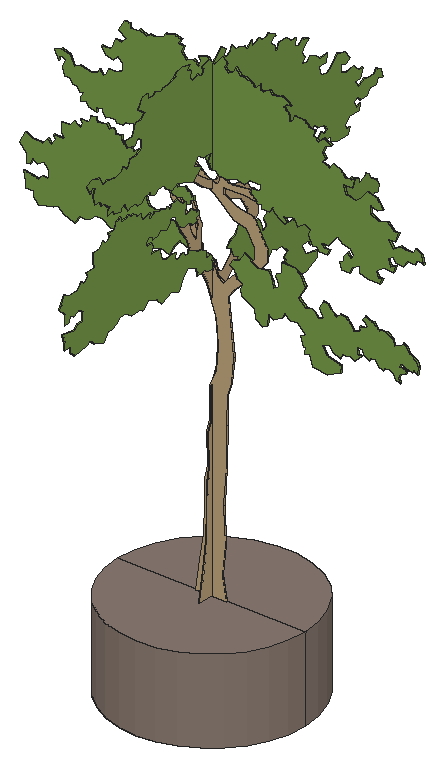
Revit family "L-PL특수목_소나무_1", category 수목, Revit 2019
Family settings
  OmniClass 번호 = 23.40.05.00
  OmniClass 제목 = Plants and Planting Products
  작업 기준면 기반 = 아니오
  항상 수직 = 예
  로드될 때 보이드를 사용하여 절단 = 아니오
  렌더 모양 소스 = 패밀리 형상
  공유 = 아니오
Parameters (values of type "소나무_특수목_1")
  한국산업규격KS = ""
  콘 높이 = 뿌리분 직경 / 4  # 272.5 mm
  조달청표준공사코드-세부공종 = "10161599202809"
  뿌리분 직경 = (24 mm + ((R / 10) - 3 mm) * 5) * 10  # 1090 mm
  뿌리분 높이 = 뿌리분 직경 / 2  # 545 mm
  높이 = 5000 mm
  건설정보분류체계-부위분류 = "E985"
  R = 200 mm
  LIM_INFO_주의사항 = "재배포, 재가공, 판매 금지"
  LIM_INFO_제작일 = "20211210"
  LIM_INFO_버전 = "2022_V01"
  LIM_INFO_PL_학명 = "Quercus myrsinaefolia Bl."
  LIM_INFO_PL_품명 = "가시나무"
  LIM_INFO_PL_주당인정수량 = 0
  LIM_INFO_PL_수목단위 = "주"
  LIM_INFO_PL_규격 = "5.0H X 18R"
  LIM_INFO_PL_구분 = "상록교목"
  LIM_INFO_PL_가격 = 0
  LIM_INFO_PL_Qty [instance] = 0
  LIM_INFO_PL_M2당수량 = 0
  KBIMS_식별-버전 = ""
  KBIMS_식별-bSK등록번호 = ""
  KBIMS_보급정보-저작자 = "림인포테크_MMJ"
  KBIMS_보급정보-보급코드 = ""
  H = 높이  # 5000 mm
Reference planes
  plane 1 "중심(앞/뒤)": y = 0
  plane 2: z = 0
  plane 3 "중심(왼쪽/오른쪽)": x = 0
  plane 4: x = 482.5
  plane 5: x = -607.5
  plane 6: z = -545
  plane 7: z = -817.5
  plane 8: z = 5000
  plane 9: x = -100
  plane 10: x = 100
Forms (mm)
  Revolve 1, solid, material "흙"
    sketch origin (0, 0, 0) x (1, 0, 0) y (0, 0, 1)
      loop
        line (0, 0) -> (-607.5, 0) -> (-607.5, -545) -> (0, -545) -> (0, 0)
      axis (0, 0) -> (0, -545)
    angle from 0 to 360
  Revolve 2, solid, material "흙"
    sketch origin (0, 0, 0) x (1, 0, 0) y (0, 0, 1)
      loop
        line (0, -545) -> (-607.5, -545) -> (0, -817.5) -> (0, -545)
      axis (0, -545) -> (0, -817.5)
    angle from 0 to 360
Dimensions and locks
  "뿌리분 직경": plane 4 to plane 5
  "뿌리분 높이": plane 6 to level
  "콘 높이": plane 7 to plane 6
  "H": level to plane 8
  "R": plane 9 to plane 10
  aligned and locked: level to plane 2
Automatic sketch dimensions
  Revolve 1 sketch curve to level = 0 mm  (x2)
  Revolve 1 sketch curve to plane 5 = 0 mm
  Revolve 1 sketch curve to plane 3 "중심(왼쪽/오른쪽)" = 0 mm  (x2)
  Revolve 1 sketch curve to plane 6 = 0 mm  (x2)
  Revolve 2 sketch curve to plane 5 = 0 mm
  Revolve 2 sketch curve to plane 3 "중심(왼쪽/오른쪽)" = 0 mm  (x2)
  Revolve 2 sketch curve to plane 7 = 0 mm  (x2)
  Revolve 2 sketch curve to plane 6 = 0 mm  (x2)
Nested families
  nested 1: "소나무1_base" at (0, 0, 0), type "소나무1_base"
Definition of nested family "소나무1_base"
  Parameters (values of type "소나무1_base")
    Height = 6000 mm
  Reference planes
    plane 1 "중심(앞/뒤)": y = 0
    plane 2: z = 0
    plane 3 "중심(왼쪽/오른쪽)": x = 0
  Forms (mm)
    Extrusion 1, solid
      sketch origin (1137.23, 0, -323.782) x (1, 0, 0) y (0, 0, 1)
        loop
          line (-934.585, 2192.569) -> (-970.449, 2213.187) -> (-976.809, 2241.312) -> (-1053.09, 2164.511) -> (-1094.55, 2190.24) -> (-1112.444, 2253.036) -> (-1122.608, 2209.784) -> (-1164.551, 2209.784) -> (-1196.947, 2225.969) -> (-1217.937, 2222.533) -> (-1172.266, 2140.358) -> (-1102.303, 1935.626) -> (-1085.621, 1783.156) -> (-1098.677, 1637.8) -> (-1144.009, 1531.549) -> (-1143.615, 1335.582) -> (-1164.919, 1268.324) -> (-1156.424, 1075.554) -> (-1176.505, 985.388) -> (-1179.633, 849.862) -> (-1181.531, 664.669) -> (-1209.946, 504.839) -> (-1237.23, 323.782) -> (-1037.23, 323.782) -> (-1063.792, 464.9) -> (-1043.453, 643.17) -> (-1052.318, 878.366) -> (-1037.576, 1102.624) -> (-1032.747, 1347.435) -> (-1030.238, 1514.02) -> (-1005.006, 1592.597) -> (-990.134, 1750.743) -> (-1024.518, 2088.801) -> (-980.633, 2146.557) -> (-934.585, 2192.569)
        loop
          line (-870.794, 2348.049) -> (-858.764, 2341.134) -> (-832.598, 2326.091) -> (-811.092, 2328.525) -> (-772.552, 2374.489) -> (-772.552, 2448.983) -> (-863.691, 2609.186) -> (-973.24, 2627.43) -> (-1052.359, 2674.343) -> (-1052.359, 2711.7) -> (-923.248, 2718.215) -> (-843.694, 2703.446) -> (-884.558, 2745.147) -> (-875.429, 2761.219) -> (-1005.617, 2747.124) -> (-1025.812, 2753.704) -> (-1025.812, 2764.232) -> (-1075.858, 2764.232) -> (-1085.077, 2729.578) -> (-1103.515, 2714.663) -> (-1166.701, 2741.369) -> (-1253.806, 2810.473) -> (-1290.136, 2782.919) -> (-1215.7, 2718.906) -> (-1110.598, 2658.292) -> (-987.595, 2552.146) -> (-905.966, 2524.212) -> (-853.41, 2434.826) -> (-853.41, 2365.551) -> (-870.794, 2348.049)
        loop
          line (-1336.731, 2464.366) -> (-1320.45, 2403.535) -> (-1277.613, 2386.5) -> (-1255.212, 2366.643) -> (-1227.524, 2366.643) -> (-1234.273, 2476.734) -> (-1223.622, 2513.982) -> (-1246.698, 2569.409) -> (-1263.562, 2560.984) -> (-1245.23, 2513.552) -> (-1259.416, 2478.824) -> (-1259.416, 2427.796) -> (-1284.241, 2460.397) -> (-1312.612, 2508.591) -> (-1330.54, 2558.013) -> (-1355.757, 2544.722) -> (-1399.538, 2562.72) -> (-1394.779, 2537.93) -> (-1336.731, 2464.366)
      from 0 to 5
    Extrusion 2, solid
      sketch origin (1137.23, 0, -323.782) x (1, 0, 0) y (0, 0, 1)
        loop
          line (-1703.091, 2845.337) -> (-1684.659, 2867.165) -> (-1658.718, 2867.165) -> (-1633.459, 2882.854) -> (-1633.459, 2857.615) -> (-1604.788, 2843.973) -> (-1580.321, 2866.436) -> (-1529.038, 2866.436) -> (-1503.943, 2835.908) -> (-1466.845, 2809.742) -> (-1419.927, 2834.818) -> (-1373.009, 2813.013) -> (-1294.448, 2783.576) -> (-1255.168, 2814.103) -> (-1228.981, 2843.54) -> (-1286.811, 2870.797) -> (-1255.168, 2918.768) -> (-1203.886, 2886.06) -> (-1187.519, 2886.06) -> (-1139.51, 2886.06) -> (-1167.879, 2843.54) -> (-1141.794, 2789.317) -> (-1105.29, 2789.317) -> (-1078.926, 2767.027) -> (-1024.171, 2767.027) -> (-976.175, 2789.993) -> (-916.687, 2779.185) -> (-886.267, 2810.932) -> (-817.315, 2810.932) -> (-817.315, 2784.589) -> (-839.623, 2766.351) -> (-865.311, 2775.808) -> (-880.859, 2747.438) -> (-832.765, 2697.932) -> (-809.872, 2697.932) -> (-809.872, 2673.71) -> (-760.044, 2673.71) -> (-737.823, 2708.024) -> (-725.703, 2681.111) -> (-694.055, 2657.562) -> (-658.368, 2641.415) -> (-643.554, 2660.254) -> (-666.448, 2681.784) -> (-623.354, 2693.222) -> (-594.4, 2693.222) -> (-576.893, 2655.544) -> (-531.105, 2684.475) -> (-494.744, 2664.291) -> (-506.543, 2631.089) -> (-479.767, 2577.579) -> (-454.999, 2577.579) -> (-434.917, 2558.851) -> (-384.713, 2558.851) -> (-369.316, 2592.295) -> (-399.439, 2592.295) -> (-427.554, 2616.374) -> (-374.672, 2616.374) -> (-321.12, 2685.268) -> (-288.989, 2657.844) -> (-232.744, 2646.717) -> (-215.623, 2609.999) -> (-228.568, 2589.553) -> (-252.37, 2617.926) -> (-278.678, 2587.05) -> (-278.678, 2561.597) -> (-302.897, 2546.993) -> (-292.378, 2504.448) -> (-239.039, 2504.448) -> (-219.837, 2542.822) -> (-177.247, 2565.207) -> (-177.247, 2527.535) -> (-125.18, 2509.485) -> (-47.611, 2509.485) -> (-27.421, 2545.585) -> (-50.798, 2545.585) -> (-67.8, 2575.314) -> (-24.079, 2607.545) -> (44.062, 2607.545) -> (55.971, 2645.225) -> (26.2, 2635.309) -> (8.338, 2676.294) -> (37.447, 2692.82) -> (57.294, 2665.056) -> (107.573, 2665.056) -> (133.374, 2699.43) -> (182.329, 2699.43) -> (195.561, 2731.822) -> (237.239, 2717.279) -> (225.331, 2770.162) -> (188.283, 2791.977) -> (170.421, 2764.213) -> (132.05, 2764.213) -> (90.372, 2774.129) -> (45.386, 2747.026) -> (12.958, 2787.312) -> (55.254, 2787.312) -> (76.402, 2845.279) -> (47.489, 2845.279) -> (7.912, 2884.825) -> (-50.794, 2871.643) -> (-102.904, 2897.348) -> (-102.904, 2942.167) -> (-60.688, 2927.667) -> (-23.75, 2946.122) -> (-65.965, 2997.532) -> (-125.991, 3014.009) -> (-162.929, 2963.917) -> (-203.826, 2934.917) -> (-263.851, 2952.054) -> (-278.363, 3001.486) -> (-224.274, 3001.486) -> (-209.966, 3051.99) -> (-263.578, 3045.63) -> (-301.532, 3078.727) -> (-347.077, 3096.655) -> (-368.469, 3070.453) -> (-418.154, 3083.554) -> (-392.621, 3111.135) -> (-412.633, 3142.164) -> (-392.621, 3180.088) -> (-355.357, 3200.774) -> (-403.662, 3224.907) -> (-438.166, 3195.257) -> (-474.049, 3213.185) -> (-462.318, 3250.42) -> (-498.892, 3250.42) -> (-538.225, 3285.507) -> (-597.025, 3285.507) -> (-607.325, 3249.141) -> (-629.299, 3249.141) -> (-629.299, 3282.076) -> (-666.381, 3315.698) -> (-647.84, 3334.91) -> (-621.059, 3334.91) -> (-636.853, 3350.692) -> (-679.428, 3374.707) -> (-690.415, 3362.356) -> (-735.737, 3362.356) -> (-754.964, 3380.196) -> (-792.732, 3360.984) -> (-816.08, 3360.984) -> (-816.08, 3391.861) -> (-849.041, 3360.298) -> (-871.702, 3381.569) -> (-911.53, 3398.723) -> (-944.491, 3398.723) -> (-976.079, 3435.089) -> (-991.873, 3404.212) -> (-1019.548, 3388.481) -> (-1045.642, 3411.124) -> (-1029.848, 3436.512) -> (-1062.81, 3463.272) -> (-1092.337, 3424.848) -> (-1127.359, 3402.204) -> (-1156.886, 3431.023) -> (-1218.002, 3417.3) -> (-1205.641, 3391.226) -> (-1215.942, 3361.721) -> (-1248.216, 3385.051) -> (-1292.165, 3367.897) -> (-1323.066, 3401.518) -> (-1312.079, 3437.198) -> (-1342.98, 3448.177) -> (-1323.066, 3474.937) -> (-1373.194, 3485.229) -> (-1427.443, 3472.192) -> (-1443.923, 3448.177) -> (-1490.618, 3431.023) -> (-1527.013, 3431.023) -> (-1549.674, 3417.986) -> (-1596.369, 3436.512) -> (-1611.476, 3422.789) -> (-1655.424, 3422.789) -> (-1655.424, 3452.294) -> (-1695.939, 3452.294) -> (-1728.9, 3389.854) -> (-1681.542, 3351.834) -> (-1709.696, 3327.819) -> (-1750.898, 3327.819) -> (-1779.052, 3258.517) -> (-1840.168, 3258.517) -> (-1818.194, 3209.8) -> (-1766.005, 3199.508) -> (-1736.477, 3231.071) -> (-1707.753, 3205.684) -> (-1707.753, 3159.133) -> (-1747.386, 3136.601) -> (-1795.903, 3136.601) -> (-1808.203, 3103.144) -> (-1830.069, 3092.219) -> (-1852.619, 3116.117) -> (-1865.603, 3093.584) -> (-1912.753, 3077.88) -> (-1979.036, 3092.902) -> (-2017.302, 3078.563) -> (-2043.269, 3133.869) -> (-2099.302, 3150.256) -> (-2147.135, 3130.455) -> (-2119.802, 3075.832) -> (-2109.552, 3109.972) -> (-2077.435, 3093.584) -> (-2091.785, 3049.203) -> (-2082.902, 3000.041) -> (-2049.419, 3000.041) -> (-2030.969, 2969.998) -> (-2004.319, 2969.998) -> (-1982.431, 2940.45) -> (-1957.831, 2940.45) -> (-1978.331, 2913.82) -> (-1978.331, 2887.191) -> (-1936.648, 2898.799) -> (-1925.714, 2874.901) -> (-1872.414, 2863.294) -> (-1872.414, 2885.143) -> (-1837.565, 2900.847) -> (-1837.565, 2879.681) -> (-1817.095, 2848.747) -> (-1795.25, 2861.026) -> (-1753.608, 2861.026) -> (-1742.002, 2845.337) -> (-1703.091, 2845.337)
        loop
          line (-2097.474, 2666.253) -> (-2082.982, 2634.395) -> (-2149.645, 2634.395) -> (-2138.659, 2606.698) -> (-2166.3, 2575.922) -> (-2190.511, 2597.666) -> (-2220.174, 2562.957) -> (-2291.668, 2562.957) -> (-2331.28, 2584.195) -> (-2368.96, 2512.757) -> (-2325.483, 2466.419) -> (-2325.483, 2406.565) -> (-2299.091, 2413.537) -> (-2287.21, 2445.59) -> (-2253.023, 2427.803) -> (-2218.242, 2450.007) -> (-2183.46, 2421.045) -> (-2183.46, 2367.949) -> (-2224.038, 2367.949) -> (-2250.124, 2345.745) -> (-2344.806, 2362.157) -> (-2330.127, 2303.843) -> (-2330.127, 2264.468) -> (-2282.84, 2262.557) -> (-2282.84, 2229.333) -> (-2247.071, 2196.621) -> (-2153.101, 2214.188) -> (-2125.82, 2228.121) -> (-2083.989, 2195.409) -> (-2016.088, 2170.572) -> (-1981.532, 2216.611) -> (-1950.613, 2216.611) -> (-1909.994, 2232.362) -> (-1882.107, 2257.199) -> (-1834.213, 2257.199) -> (-1783.287, 2225.698) -> (-1718.024, 2230.886) -> (-1695.527, 2217.477) -> (-1647.539, 2255.109) -> (-1591.047, 2233.258) -> (-1542.452, 2189.557) -> (-1460.447, 2219.298) -> (-1405.169, 2198.054) -> (-1372.367, 2260.572) -> (-1335.313, 2305.487) -> (-1266.065, 2276.96) -> (-1252.701, 2220.512) -> (-1196.195, 2229.004) -> (-1164.484, 2213.161) -> (-1124.235, 2213.161) -> (-1115.697, 2251.55) -> (-1146.798, 2295.423) -> (-1191.926, 2295.423) -> (-1191.926, 2339.297) -> (-1223.027, 2363.062) -> (-1255.958, 2363.062) -> (-1279.132, 2384.389) -> (-1327.91, 2402.213) -> (-1327.91, 2383.914) -> (-1356.907, 2383.914) -> (-1366.446, 2406.788) -> (-1387.813, 2406.788) -> (-1397.733, 2391.92) -> (-1427.875, 2391.92) -> (-1439.321, 2408.313) -> (-1431.69, 2431.95) -> (-1466.029, 2438.05) -> (-1504.946, 2428.9) -> (-1536.996, 2443.007) -> (-1550.35, 2470.837) -> (-1557.218, 2504.768) -> (-1591.557, 2513.156) -> (-1632.001, 2513.156) -> (-1621.411, 2550.81) -> (-1627.936, 2574.203) -> (-1666.699, 2574.203) -> (-1675.91, 2601.814) -> (-1651.731, 2618.688) -> (-1614.503, 2609.484) -> (-1614.503, 2589.159) -> (-1577.274, 2598.746) -> (-1560.004, 2618.688) -> (-1530.067, 2613.319) -> (-1505.888, 2599.513) -> (-1477.487, 2626.742) -> (-1482.477, 2645.149) -> (-1455.611, 2652.052) -> (-1428.361, 2642.848) -> (-1428.361, 2618.305) -> (-1413.01, 2599.513) -> (-1401.879, 2566.916) -> (-1356.305, 2547.294) -> (-1327.948, 2561.461) -> (-1294.66, 2534.975) -> (-1265.07, 2547.294) -> (-1265.07, 2562.693) -> (-1245.344, 2571.933) -> (-1245.344, 2594.724) -> (-1259.992, 2586.033) -> (-1270.02, 2609.541) -> (-1285.833, 2613.395) -> (-1301.646, 2632.279) -> (-1320.159, 2622.644) -> (-1348.699, 2614.551) -> (-1361.427, 2639.601) -> (-1351.785, 2660.026) -> (-1351.785, 2692.547) -> (-1376.14, 2692.547) -> (-1418.223, 2738.308) -> (-1452.735, 2728.387) -> (-1470.933, 2728.387) -> (-1462.028, 2712.911) -> (-1480.226, 2704.399) -> (-1498.812, 2728.774) -> (-1510.428, 2718.715) -> (-1521.657, 2724.131) -> (-1548.761, 2740.381) -> (-1553.794, 2729.548) -> (-1600.258, 2745.024) -> (-1600.258, 2733.03) -> (-1613.81, 2733.03) -> (-1630.073, 2716.393) -> (-1646.722, 2731.482) -> (-1637.042, 2751.988) -> (-1653.692, 2751.988) -> (-1680.73, 2741.128) -> (-1700.983, 2741.128) -> (-1710.721, 2762.923) -> (-1710.721, 2782.771) -> (-1753.953, 2776.933) -> (-1753.953, 2794.446) -> (-1770.312, 2805.343) -> (-1787.06, 2796.392) -> (-1809.28, 2817.537) -> (-1827.196, 2807.807) -> (-1869.65, 2807.807) -> (-1875.493, 2820.261) -> (-1875.493, 2833.493) -> (-1895.746, 2825.32) -> (-1913.273, 2825.32) -> (-1913.907, 2813.957) -> (-1927.944, 2785.458) -> (-1975.443, 2785.458) -> (-1965.63, 2762.708) -> (-1978.191, 2741.919) -> (-1997.819, 2741.919) -> (-2018.232, 2759.962) -> (-2042.404, 2727.072) -> (-2097.474, 2727.072) -> (-2097.474, 2666.253)
        loop
          line (-728.938, 2059.436) -> (-675.043, 2089.743) -> (-657.865, 2119.623) -> (-619.24, 2097.417) -> (-574.146, 2097.997) -> (-525.075, 2044.939) -> (-556.303, 2028.106) -> (-539.495, 1973.718) -> (-525.779, 1975.364) -> (-532.571, 1935.977) -> (-498.589, 1941.782) -> (-480.895, 1878.816) -> (-383.341, 1862.857) -> (-297.127, 1906.212) -> (-294.644, 1949.132) -> (-385.371, 1969.613) -> (-417.888, 2027.802) -> (-369.456, 2040.02) -> (-344.661, 2005.407) -> (-299.687, 1988.746) -> (-284.647, 2014.907) -> (-266.128, 2017.396) -> (-233.262, 2020.831) -> (-207.08, 2005.779) -> (-162.141, 2049.22) -> (-187.761, 2053.615) -> (-190.494, 2090.806) -> (-156.794, 2089.242) -> (-147.271, 2063.862) -> (-111.81, 2043.476) -> (-103.209, 2058.436) -> (-72.544, 2060.712) -> (-50.295, 2030.112) -> (-23.502, 2014.709) -> (-14.449, 2030.457) -> (11.27, 2038.719) -> (43.579, 2020.145) -> (58.736, 1993.621) -> (87.105, 1977.313) -> (78.05, 2010.804) -> (90.725, 2032.851) -> (121.189, 2045.719) -> (132.053, 2064.617) -> (82.14, 2074.454) -> (94.362, 2095.714) -> (121.155, 2080.311) -> (169.156, 2072.62) -> (175.041, 2082.857) -> (201.045, 2067.907) -> (207.801, 2114.309) -> (194.12, 2145.223) -> (144.475, 2173.763) -> (129.217, 2205.583) -> (106.364, 2218.721) -> (96.858, 2202.185) -> (48.81, 2184.114) -> (42.263, 2218.141) -> (-1.693, 2243.411) -> (-28.531, 2242.143) -> (-56.27, 2239.306) -> (-85.614, 2271.829) -> (-117.044, 2275.288) -> (-139.807, 2288.375) -> (-153.785, 2264.061) -> (-134.947, 2253.231) -> (-126.028, 2225.146) -> (-173.038, 2219.418) -> (-169.118, 2191.177) -> (-213.328, 2177.611) -> (-222.156, 2199.578) -> (-265.681, 2241.493) -> (-301.47, 2242.576) -> (-322.348, 2222.094) -> (-358.511, 2242.884) -> (-377.311, 2275.782) -> (-409.387, 2279.929) -> (-436.056, 2233.539) -> (-406.745, 2181.605) -> (-447.804, 2170.126) -> (-469.827, 2199.679) -> (-487.42, 2209.793) -> (-521.961, 2206.261) -> (-566.817, 2246.991) -> (-549.973, 2276.29) -> (-524.427, 2320.726) -> (-554.696, 2382.307) -> (-597.213, 2406.749) -> (-678.574, 2409.993) -> (-679.426, 2373.451) -> (-678.229, 2346.125) -> (-711.533, 2333.436) -> (-719.393, 2319.763) -> (-696.694, 2280.076) -> (-696.247, 2261.627) -> (-730.953, 2246.496) -> (-738.295, 2276.705) -> (-745.782, 2304.398) -> (-763.261, 2333.937) -> (-832.598, 2326.091) -> (-858.764, 2341.134) -> (-902.374, 2366.205) -> (-921.064, 2376.949) -> (-951.125, 2324.658) -> (-992.136, 2316.762) -> (-1013.608, 2279.412) -> (-981.213, 2260.788) -> (-970.449, 2213.187) -> (-930.577, 2190.265) -> (-944.892, 2165.365) -> (-936.779, 2127.571) -> (-910.613, 2112.528) -> (-857.035, 2081.727) -> (-844.866, 2025.036) -> (-800.011, 1999.249) -> (-770.929, 2012.347) -> (-762.58, 2078.776) -> (-728.938, 2059.436)
      from 0 to 5
    Extrusion 3, solid
      sketch origin (0, 1137.23, -323.782) x (0, 1, 0) y (0, 0, 1)
        loop
          line (-934.585, 2192.569) -> (-970.449, 2213.187) -> (-976.809, 2241.312) -> (-1053.09, 2164.511) -> (-1094.55, 2190.24) -> (-1112.444, 2253.036) -> (-1122.608, 2209.784) -> (-1164.551, 2209.784) -> (-1196.947, 2225.969) -> (-1217.937, 2222.533) -> (-1172.266, 2140.358) -> (-1102.303, 1935.626) -> (-1085.621, 1783.156) -> (-1098.677, 1637.8) -> (-1144.009, 1531.549) -> (-1143.615, 1335.582) -> (-1164.919, 1268.324) -> (-1156.424, 1075.554) -> (-1176.505, 985.388) -> (-1179.633, 849.862) -> (-1181.531, 664.669) -> (-1209.946, 504.839) -> (-1237.23, 323.782) -> (-1037.23, 323.782) -> (-1063.792, 464.9) -> (-1043.453, 643.17) -> (-1052.318, 878.366) -> (-1037.576, 1102.624) -> (-1032.747, 1347.435) -> (-1030.238, 1514.02) -> (-1005.006, 1592.597) -> (-990.134, 1750.743) -> (-1024.518, 2088.801) -> (-980.633, 2146.557) -> (-934.585, 2192.569)
        loop
          line (-870.794, 2348.049) -> (-858.764, 2341.134) -> (-832.598, 2326.091) -> (-811.092, 2328.525) -> (-772.552, 2374.489) -> (-772.552, 2448.983) -> (-863.691, 2609.186) -> (-973.24, 2627.43) -> (-1052.359, 2674.343) -> (-1052.359, 2711.7) -> (-923.248, 2718.215) -> (-843.694, 2703.446) -> (-884.558, 2745.147) -> (-875.429, 2761.219) -> (-1005.617, 2747.124) -> (-1025.812, 2753.704) -> (-1025.812, 2764.232) -> (-1075.858, 2764.232) -> (-1085.077, 2729.578) -> (-1103.515, 2714.663) -> (-1166.701, 2741.369) -> (-1253.806, 2810.473) -> (-1290.136, 2782.919) -> (-1215.7, 2718.906) -> (-1110.598, 2658.292) -> (-987.595, 2552.146) -> (-905.966, 2524.212) -> (-853.41, 2434.826) -> (-853.41, 2365.551) -> (-870.794, 2348.049)
        loop
          line (-1336.731, 2464.366) -> (-1320.45, 2403.535) -> (-1277.613, 2386.5) -> (-1255.212, 2366.643) -> (-1227.524, 2366.643) -> (-1234.273, 2476.734) -> (-1223.622, 2513.982) -> (-1246.698, 2569.409) -> (-1263.562, 2560.984) -> (-1245.23, 2513.552) -> (-1259.416, 2478.824) -> (-1259.416, 2427.796) -> (-1284.241, 2460.397) -> (-1312.612, 2508.591) -> (-1330.54, 2558.013) -> (-1355.757, 2544.722) -> (-1399.538, 2562.72) -> (-1394.779, 2537.93) -> (-1336.731, 2464.366)
      from 0 to 5
    Extrusion 4, solid
      sketch origin (0, 1137.23, -323.782) x (0, 1, 0) y (0, 0, 1)
        loop
          line (-1703.091, 2845.337) -> (-1684.659, 2867.165) -> (-1658.718, 2867.165) -> (-1633.459, 2882.854) -> (-1633.459, 2857.615) -> (-1604.788, 2843.973) -> (-1580.321, 2866.436) -> (-1529.038, 2866.436) -> (-1503.943, 2835.908) -> (-1466.845, 2809.742) -> (-1419.927, 2834.818) -> (-1373.009, 2813.013) -> (-1294.448, 2783.576) -> (-1255.168, 2814.103) -> (-1228.981, 2843.54) -> (-1286.811, 2870.797) -> (-1255.168, 2918.768) -> (-1203.886, 2886.06) -> (-1187.519, 2886.06) -> (-1139.51, 2886.06) -> (-1167.879, 2843.54) -> (-1141.794, 2789.317) -> (-1105.29, 2789.317) -> (-1078.926, 2767.027) -> (-1024.171, 2767.027) -> (-976.175, 2789.993) -> (-916.687, 2779.185) -> (-886.267, 2810.932) -> (-817.315, 2810.932) -> (-817.315, 2784.589) -> (-839.623, 2766.351) -> (-865.311, 2775.808) -> (-880.859, 2747.438) -> (-832.765, 2697.932) -> (-809.872, 2697.932) -> (-809.872, 2673.71) -> (-760.044, 2673.71) -> (-737.823, 2708.024) -> (-725.703, 2681.111) -> (-694.055, 2657.562) -> (-658.368, 2641.415) -> (-643.554, 2660.254) -> (-666.448, 2681.784) -> (-623.354, 2693.222) -> (-594.4, 2693.222) -> (-576.893, 2655.544) -> (-531.105, 2684.475) -> (-494.744, 2664.291) -> (-506.543, 2631.089) -> (-479.767, 2577.579) -> (-454.999, 2577.579) -> (-434.917, 2558.851) -> (-384.713, 2558.851) -> (-369.316, 2592.295) -> (-399.439, 2592.295) -> (-427.554, 2616.374) -> (-374.672, 2616.374) -> (-321.12, 2685.268) -> (-288.989, 2657.844) -> (-232.744, 2646.717) -> (-215.623, 2609.999) -> (-228.568, 2589.553) -> (-252.37, 2617.926) -> (-278.678, 2587.05) -> (-278.678, 2561.597) -> (-302.897, 2546.993) -> (-292.378, 2504.448) -> (-239.039, 2504.448) -> (-219.837, 2542.822) -> (-177.247, 2565.207) -> (-177.247, 2527.535) -> (-125.18, 2509.485) -> (-47.611, 2509.485) -> (-27.421, 2545.585) -> (-50.798, 2545.585) -> (-67.8, 2575.314) -> (-24.079, 2607.545) -> (44.062, 2607.545) -> (55.971, 2645.225) -> (26.2, 2635.309) -> (8.338, 2676.294) -> (37.447, 2692.82) -> (57.294, 2665.056) -> (107.573, 2665.056) -> (133.374, 2699.43) -> (182.329, 2699.43) -> (195.561, 2731.822) -> (237.239, 2717.279) -> (225.331, 2770.162) -> (188.283, 2791.977) -> (170.421, 2764.213) -> (132.05, 2764.213) -> (90.372, 2774.129) -> (45.386, 2747.026) -> (12.958, 2787.312) -> (55.254, 2787.312) -> (76.402, 2845.279) -> (47.489, 2845.279) -> (7.912, 2884.825) -> (-50.794, 2871.643) -> (-102.904, 2897.348) -> (-102.904, 2942.167) -> (-60.688, 2927.667) -> (-23.75, 2946.122) -> (-65.965, 2997.532) -> (-125.991, 3014.009) -> (-162.929, 2963.917) -> (-203.826, 2934.917) -> (-263.851, 2952.054) -> (-278.363, 3001.486) -> (-224.274, 3001.486) -> (-209.966, 3051.99) -> (-263.578, 3045.63) -> (-301.532, 3078.727) -> (-347.077, 3096.655) -> (-368.469, 3070.453) -> (-418.154, 3083.554) -> (-392.621, 3111.135) -> (-412.633, 3142.164) -> (-392.621, 3180.088) -> (-355.357, 3200.774) -> (-403.662, 3224.907) -> (-438.166, 3195.257) -> (-474.049, 3213.185) -> (-462.318, 3250.42) -> (-498.892, 3250.42) -> (-538.225, 3285.507) -> (-597.025, 3285.507) -> (-607.325, 3249.141) -> (-629.299, 3249.141) -> (-629.299, 3282.076) -> (-666.381, 3315.698) -> (-647.84, 3334.91) -> (-621.059, 3334.91) -> (-636.853, 3350.692) -> (-679.428, 3374.707) -> (-690.415, 3362.356) -> (-735.737, 3362.356) -> (-754.964, 3380.196) -> (-792.732, 3360.984) -> (-816.08, 3360.984) -> (-816.08, 3391.861) -> (-849.041, 3360.298) -> (-871.702, 3381.569) -> (-911.53, 3398.723) -> (-944.491, 3398.723) -> (-976.079, 3435.089) -> (-991.873, 3404.212) -> (-1019.548, 3388.481) -> (-1045.642, 3411.124) -> (-1029.848, 3436.512) -> (-1062.81, 3463.272) -> (-1092.337, 3424.848) -> (-1127.359, 3402.204) -> (-1156.886, 3431.023) -> (-1218.002, 3417.3) -> (-1205.641, 3391.226) -> (-1215.942, 3361.721) -> (-1248.216, 3385.051) -> (-1292.165, 3367.897) -> (-1323.066, 3401.518) -> (-1312.079, 3437.198) -> (-1342.98, 3448.177) -> (-1323.066, 3474.937) -> (-1373.194, 3485.229) -> (-1427.443, 3472.192) -> (-1443.923, 3448.177) -> (-1490.618, 3431.023) -> (-1527.013, 3431.023) -> (-1549.674, 3417.986) -> (-1596.369, 3436.512) -> (-1611.476, 3422.789) -> (-1655.424, 3422.789) -> (-1655.424, 3452.294) -> (-1695.939, 3452.294) -> (-1728.9, 3389.854) -> (-1681.542, 3351.834) -> (-1709.696, 3327.819) -> (-1750.898, 3327.819) -> (-1779.052, 3258.517) -> (-1840.168, 3258.517) -> (-1818.194, 3209.8) -> (-1766.005, 3199.508) -> (-1736.477, 3231.071) -> (-1707.753, 3205.684) -> (-1707.753, 3159.133) -> (-1747.386, 3136.601) -> (-1795.903, 3136.601) -> (-1808.203, 3103.144) -> (-1830.069, 3092.219) -> (-1852.619, 3116.117) -> (-1865.603, 3093.584) -> (-1912.753, 3077.88) -> (-1979.036, 3092.902) -> (-2017.302, 3078.563) -> (-2043.269, 3133.869) -> (-2099.302, 3150.256) -> (-2147.135, 3130.455) -> (-2119.802, 3075.832) -> (-2109.552, 3109.972) -> (-2077.435, 3093.584) -> (-2091.785, 3049.203) -> (-2082.902, 3000.041) -> (-2049.419, 3000.041) -> (-2030.969, 2969.998) -> (-2004.319, 2969.998) -> (-1982.431, 2940.45) -> (-1957.831, 2940.45) -> (-1978.331, 2913.82) -> (-1978.331, 2887.191) -> (-1936.648, 2898.799) -> (-1925.714, 2874.901) -> (-1872.414, 2863.294) -> (-1872.414, 2885.143) -> (-1837.565, 2900.847) -> (-1837.565, 2879.681) -> (-1817.095, 2848.747) -> (-1795.25, 2861.026) -> (-1753.608, 2861.026) -> (-1742.002, 2845.337) -> (-1703.091, 2845.337)
        loop
          line (-2097.474, 2666.253) -> (-2082.982, 2634.395) -> (-2149.645, 2634.395) -> (-2138.659, 2606.698) -> (-2166.3, 2575.922) -> (-2190.511, 2597.666) -> (-2220.174, 2562.957) -> (-2291.668, 2562.957) -> (-2331.28, 2584.195) -> (-2368.96, 2512.757) -> (-2325.483, 2466.419) -> (-2325.483, 2406.565) -> (-2299.091, 2413.537) -> (-2287.21, 2445.59) -> (-2253.023, 2427.803) -> (-2218.242, 2450.007) -> (-2183.46, 2421.045) -> (-2183.46, 2367.949) -> (-2224.038, 2367.949) -> (-2250.124, 2345.745) -> (-2344.806, 2362.157) -> (-2330.127, 2303.843) -> (-2330.127, 2264.468) -> (-2282.84, 2262.557) -> (-2282.84, 2229.333) -> (-2247.071, 2196.621) -> (-2153.101, 2214.188) -> (-2125.82, 2228.121) -> (-2083.989, 2195.409) -> (-2016.088, 2170.572) -> (-1981.532, 2216.611) -> (-1950.613, 2216.611) -> (-1909.994, 2232.362) -> (-1882.107, 2257.199) -> (-1834.213, 2257.199) -> (-1783.287, 2225.698) -> (-1718.024, 2230.886) -> (-1695.527, 2217.477) -> (-1647.539, 2255.109) -> (-1591.047, 2233.258) -> (-1542.452, 2189.557) -> (-1460.447, 2219.298) -> (-1405.169, 2198.054) -> (-1372.367, 2260.572) -> (-1335.313, 2305.487) -> (-1266.065, 2276.96) -> (-1252.701, 2220.512) -> (-1196.195, 2229.004) -> (-1164.484, 2213.161) -> (-1124.235, 2213.161) -> (-1115.697, 2251.55) -> (-1146.798, 2295.423) -> (-1191.926, 2295.423) -> (-1191.926, 2339.297) -> (-1223.027, 2363.062) -> (-1255.958, 2363.062) -> (-1279.132, 2384.389) -> (-1327.91, 2402.213) -> (-1327.91, 2383.914) -> (-1356.907, 2383.914) -> (-1366.446, 2406.788) -> (-1387.813, 2406.788) -> (-1397.733, 2391.92) -> (-1427.875, 2391.92) -> (-1439.321, 2408.313) -> (-1431.69, 2431.95) -> (-1466.029, 2438.05) -> (-1504.946, 2428.9) -> (-1536.996, 2443.007) -> (-1550.35, 2470.837) -> (-1557.218, 2504.768) -> (-1591.557, 2513.156) -> (-1632.001, 2513.156) -> (-1621.411, 2550.81) -> (-1627.936, 2574.203) -> (-1666.699, 2574.203) -> (-1675.91, 2601.814) -> (-1651.731, 2618.688) -> (-1614.503, 2609.484) -> (-1614.503, 2589.159) -> (-1577.274, 2598.746) -> (-1560.004, 2618.688) -> (-1530.067, 2613.319) -> (-1505.888, 2599.513) -> (-1477.487, 2626.742) -> (-1482.477, 2645.149) -> (-1455.611, 2652.052) -> (-1428.361, 2642.848) -> (-1428.361, 2618.305) -> (-1413.01, 2599.513) -> (-1401.879, 2566.916) -> (-1356.305, 2547.294) -> (-1327.948, 2561.461) -> (-1294.66, 2534.975) -> (-1265.07, 2547.294) -> (-1265.07, 2562.693) -> (-1245.344, 2571.933) -> (-1245.344, 2594.724) -> (-1259.992, 2586.033) -> (-1270.02, 2609.541) -> (-1285.833, 2613.395) -> (-1301.646, 2632.279) -> (-1320.159, 2622.644) -> (-1348.699, 2614.551) -> (-1361.427, 2639.601) -> (-1351.785, 2660.026) -> (-1351.785, 2692.547) -> (-1376.14, 2692.547) -> (-1418.223, 2738.308) -> (-1452.735, 2728.387) -> (-1470.933, 2728.387) -> (-1462.028, 2712.911) -> (-1480.226, 2704.399) -> (-1498.812, 2728.774) -> (-1510.428, 2718.715) -> (-1521.657, 2724.131) -> (-1548.761, 2740.381) -> (-1553.794, 2729.548) -> (-1600.258, 2745.024) -> (-1600.258, 2733.03) -> (-1613.81, 2733.03) -> (-1630.073, 2716.393) -> (-1646.722, 2731.482) -> (-1637.042, 2751.988) -> (-1653.692, 2751.988) -> (-1680.73, 2741.128) -> (-1700.983, 2741.128) -> (-1710.721, 2762.923) -> (-1710.721, 2782.771) -> (-1753.953, 2776.933) -> (-1753.953, 2794.446) -> (-1770.312, 2805.343) -> (-1787.06, 2796.392) -> (-1809.28, 2817.537) -> (-1827.196, 2807.807) -> (-1869.65, 2807.807) -> (-1875.493, 2820.261) -> (-1875.493, 2833.493) -> (-1895.746, 2825.32) -> (-1913.273, 2825.32) -> (-1913.907, 2813.957) -> (-1927.944, 2785.458) -> (-1975.443, 2785.458) -> (-1965.63, 2762.708) -> (-1978.191, 2741.919) -> (-1997.819, 2741.919) -> (-2018.232, 2759.962) -> (-2042.404, 2727.072) -> (-2097.474, 2727.072) -> (-2097.474, 2666.253)
        loop
          line (-728.938, 2059.436) -> (-675.043, 2089.743) -> (-657.865, 2119.623) -> (-619.24, 2097.417) -> (-574.146, 2097.997) -> (-525.075, 2044.939) -> (-556.303, 2028.106) -> (-539.495, 1973.718) -> (-525.779, 1975.364) -> (-532.571, 1935.977) -> (-498.589, 1941.782) -> (-480.895, 1878.816) -> (-383.341, 1862.857) -> (-297.127, 1906.212) -> (-294.644, 1949.132) -> (-385.371, 1969.613) -> (-417.888, 2027.802) -> (-369.456, 2040.02) -> (-344.661, 2005.407) -> (-299.687, 1988.746) -> (-284.647, 2014.907) -> (-266.128, 2017.396) -> (-233.262, 2020.831) -> (-207.08, 2005.779) -> (-162.141, 2049.22) -> (-187.761, 2053.615) -> (-190.494, 2090.806) -> (-156.794, 2089.242) -> (-147.271, 2063.862) -> (-111.81, 2043.476) -> (-103.209, 2058.436) -> (-72.544, 2060.712) -> (-50.295, 2030.112) -> (-23.502, 2014.709) -> (-14.449, 2030.457) -> (11.27, 2038.719) -> (43.579, 2020.145) -> (58.736, 1993.621) -> (87.105, 1977.313) -> (78.05, 2010.804) -> (90.725, 2032.851) -> (121.189, 2045.719) -> (132.053, 2064.617) -> (82.14, 2074.454) -> (94.362, 2095.714) -> (121.155, 2080.311) -> (169.156, 2072.62) -> (175.041, 2082.857) -> (201.045, 2067.907) -> (207.801, 2114.309) -> (194.12, 2145.223) -> (144.475, 2173.763) -> (129.217, 2205.583) -> (106.364, 2218.721) -> (96.858, 2202.185) -> (48.81, 2184.114) -> (42.263, 2218.141) -> (-1.693, 2243.411) -> (-28.531, 2242.143) -> (-56.27, 2239.306) -> (-85.614, 2271.829) -> (-117.044, 2275.288) -> (-139.807, 2288.375) -> (-153.785, 2264.061) -> (-134.947, 2253.231) -> (-126.028, 2225.146) -> (-173.038, 2219.418) -> (-169.118, 2191.177) -> (-213.328, 2177.611) -> (-222.156, 2199.578) -> (-265.681, 2241.493) -> (-301.47, 2242.576) -> (-322.348, 2222.094) -> (-358.511, 2242.884) -> (-377.311, 2275.782) -> (-409.387, 2279.929) -> (-436.056, 2233.539) -> (-406.745, 2181.605) -> (-447.804, 2170.126) -> (-469.827, 2199.679) -> (-487.42, 2209.793) -> (-521.961, 2206.261) -> (-566.817, 2246.991) -> (-549.973, 2276.29) -> (-524.427, 2320.726) -> (-554.696, 2382.307) -> (-597.213, 2406.749) -> (-678.574, 2409.993) -> (-679.426, 2373.451) -> (-678.229, 2346.125) -> (-711.533, 2333.436) -> (-719.393, 2319.763) -> (-696.694, 2280.076) -> (-696.247, 2261.627) -> (-730.953, 2246.496) -> (-738.295, 2276.705) -> (-745.782, 2304.398) -> (-763.261, 2333.937) -> (-832.598, 2326.091) -> (-858.764, 2341.134) -> (-902.374, 2366.205) -> (-921.064, 2376.949) -> (-951.125, 2324.658) -> (-992.136, 2316.762) -> (-1013.608, 2279.412) -> (-981.213, 2260.788) -> (-970.449, 2213.187) -> (-930.577, 2190.265) -> (-944.892, 2165.365) -> (-936.779, 2127.571) -> (-910.613, 2112.528) -> (-857.035, 2081.727) -> (-844.866, 2025.036) -> (-800.011, 1999.249) -> (-770.929, 2012.347) -> (-762.58, 2078.776) -> (-728.938, 2059.436)
      from 0 to 5
  Lines and regions (mm)
    symbolic lines
      curve 1: arc (646.101, -1366.729, 0) -> (387.083, -1322.686, 0) -> (192.84, -1499.604, 0) r 299.792
      curve 2: arc (279.296, 1481.351, 0) -> (462.959, 1293.473, 0) -> (724.094, 1322.429, 0) r 299.792
      curve 3: arc (-724.094, -1326.989, 0) -> (-840.709, -1091.552, 0) -> (-1098.012, -1038.396, 0) r 299.792
      curve 4: arc (-1098.012, -1038.396, 0) -> (-1136.166, -778.446, 0) -> (-1364.449, -648.381, 0) r 299.792
      curve 5: arc (192.84, -1499.604, 0) -> (-39.89, -1377.676, 0) -> (-279.296, -1485.911, 0) r 299.792
      curve 6: arc (-279.296, -1485.911, 0) -> (-462.959, -1298.033, 0) -> (-724.094, -1326.989, 0) r 299.792
      curve 7: arc (-1497.324, -195.121, 0) -> (-1375.396, 37.61, 0) -> (-1483.631, 277.016, 0) r 299.792
      curve 8: arc (-1483.631, 277.016, 0) -> (-1295.753, 460.679, 0) -> (-1324.709, 721.814, 0) r 299.792
      curve 9: arc (-1324.709, 721.814, 0) -> (-1089.272, 838.429, 0) -> (-1036.116, 1095.732, 0) r 299.792
      curve 10: arc (-1036.116, 1095.732, 0) -> (-776.166, 1133.886, 0) -> (-646.101, 1362.169, 0) r 299.792
      curve 11: arc (-646.101, 1362.169, 0) -> (-387.083, 1318.126, 0) -> (-192.84, 1495.044, 0) r 299.792
      curve 12: arc (-192.84, 1495.044, 0) -> (39.89, 1373.116, 0) -> (279.296, 1481.351, 0) r 299.792
      curve 13: arc (-1364.449, -648.381, 0) -> (-1320.406, -389.363, 0) -> (-1497.324, -195.121, 0) r 299.792
      curve 14: line (1036.116, -1100.292, 0) -> (0, -2.28, 0)
      curve 15: line (0, -2.28, 0) -> (646.101, -1366.729, 0)
      curve 16: line (1483.631, -281.576, 0) -> (0, -2.28, 0)
      curve 17: line (0, -2.28, 0) -> (1497.324, 190.56, 0)
      curve 18: line (1364.449, 643.821, 0) -> (0, -2.28, 0)
      curve 19: line (0, -2.28, 0) -> (1324.709, -726.374, 0)
      curve 20: line (724.094, 1322.429, 0) -> (0, -2.28, 0)
      curve 21: line (0, -2.28, 0) -> (1098.012, 1033.836, 0)
      curve 22: line (-724.094, -1326.989, 0) -> (0, -2.28, 0)
      curve 23: line (0, -2.28, 0) -> (-1098.012, -1038.396, 0)
      curve 24: line (192.84, -1499.604, 0) -> (0, -2.28, 0)
      curve 25: line (0, -2.28, 0) -> (-279.296, -1485.911, 0)
      curve 26: line (-1364.449, -648.381, 0) -> (0, -2.28, 0)
      curve 27: line (0, -2.28, 0) -> (-1497.324, -195.121, 0)
      curve 28: line (-1036.116, 1095.732, 0) -> (0, -2.28, 0)
      curve 29: line (0, -2.28, 0) -> (-1483.631, 277.016, 0)
      curve 30: line (-192.84, 1495.044, 0) -> (0, -2.28, 0)
      curve 31: line (0, -2.28, 0) -> (-1324.709, 721.814, 0)
      curve 32: line (279.296, 1481.351, 0) -> (0, -2.28, 0)
      curve 33: line (0, -2.28, 0) -> (-646.101, 1362.169, 0)
      curve 34: arc (1324.709, -726.374, 0) -> (1089.272, -842.989, 0) -> (1036.116, -1100.292, 0) r 299.792
      curve 35: arc (1036.116, -1100.292, 0) -> (776.166, -1138.446, 0) -> (646.101, -1366.729, 0) r 299.792
      curve 36: arc (724.094, 1322.429, 0) -> (840.709, 1086.992, 0) -> (1098.012, 1033.836, 0) r 299.792
      curve 37: arc (1098.012, 1033.836, 0) -> (1136.166, 773.886, 0) -> (1364.449, 643.821, 0) r 299.792
      curve 38: arc (1364.449, 643.821, 0) -> (1320.406, 384.803, 0) -> (1497.324, 190.56, 0) r 299.792
      curve 39: arc (1497.324, 190.56, 0) -> (1375.396, -42.17, 0) -> (1483.631, -281.576, 0) r 299.792
      curve 40: arc (1483.631, -281.576, 0) -> (1295.753, -465.239, 0) -> (1324.709, -726.374, 0) r 299.792
  Dimensions and locks
    aligned and locked: level to plane 2
